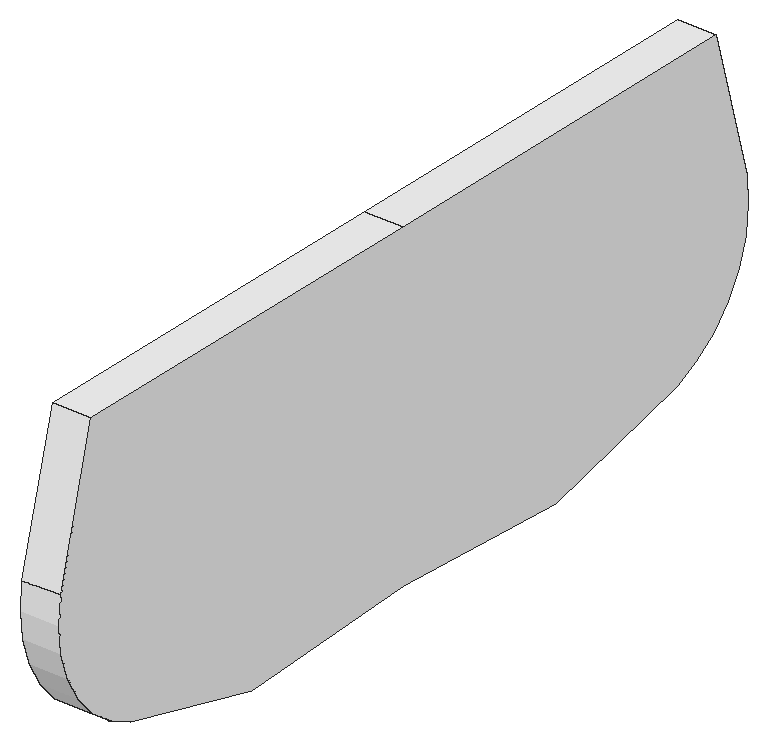
Revit family "REGISTRO MINI DE UNA SALIDA", category Pipe Accessories, Revit 2020
Family settings
  Round Connector Dimension = Use Diameter
  Part Type = Normal
  Work Plane-Based = No
  Always vertical = Yes
  Cut with Voids When Loaded = No
  Shared = No
Parameters (values of type "REGISTRO MINI 1 SALIDA")
  URL = "https://pcpplasticos.co/tienda/acople-lavaplatos-lavamanos-con-registro/"
  SKU = "2024"
  Model = SKU  # "2024"
  Manufacturer = "PCP PLASTICOS"
  Imagen = "https://pcpplasticos.co/wp-content/uploads/2018/01/MINI-1S-C.Final-Color-Output-e1531850449610.png"
  Email = "servicioalcliente@PCPplasticos.com"
  Description = "REGISTRO MINI DE UNA SALIDA"
  Default Elevation = 0 mm
Reference planes
  plane 1 "Center (Front/Back)": y = 0
  plane 2: z = 0
  plane 3 "Center (Left/Right)": x = 0
  plane 4 "SUP": y = 0
Forms (mm)
  Extrusion 1, solid, material "255_255_255"
    sketch origin (0, 0, 0) x (0, 1, 0) y (0, 0, 1)
      loop
        line (0, 0) -> (-15.222, 0)
        arc (-15.222, 0) -> (-16.065, -2.742) -> (-16.706, -5.538) r 39.4
        arc (-16.706, -5.538) -> (-16.101, -9.123) -> (-13.299, -11.44) r 5.212
        arc (-13.299, -11.44) -> (-10.381, -12.317) -> (-7.4, -12.944) r 35.856
        arc (-7.4, -12.944) -> (-3.706, -12.629) -> (0, -12.544) r 59.721
        arc (0, -12.544) -> (3.706, -12.629) -> (7.4, -12.944) r 59.721
        arc (7.4, -12.944) -> (10.381, -12.317) -> (13.299, -11.44) r 35.856
        arc (13.299, -11.44) -> (16.101, -9.123) -> (16.706, -5.538) r 5.212
        arc (16.706, -5.538) -> (16.065, -2.742) -> (15.222, 0) r 39.4
        line (15.222, 0) -> (0, 0)
    from 28.294 to 29.783
Dimensions and locks
  aligned and locked: level to plane 2
Connectors
  piping at (-0.706, 0.312, 31.5), diameter 12.7
    settings: on import instance, index 1, connector inside diameter 609.6 mm, connector length 0 mm, flow factor 0, pipe flow 0.0 L/s, pressure drop 0.0 Pa, fitting loss kfactor 0, connector angle 0.00°, fixture units 0, engagement length 0 mm, angle of deflection 0.00°, flow configuration 0, flow direction 0, fitting loss method 0, system type 7, joint type 0, gender type 0, connector reference index -1, connector utility 0, adjustable connector no, is connector primary yes, connector description ""
  piping at (-30.706, 0.312, 0), diameter 12.7
    settings: on import instance, index 2, connector inside diameter 609.6 mm, connector length 0 mm, flow factor 0, pipe flow 0.0 L/s, pressure drop 0.0 Pa, fitting loss kfactor 0, connector angle 0.00°, fixture units 0, engagement length 0 mm, angle of deflection 0.00°, flow configuration 0, flow direction 0, fitting loss method 0, system type 7, joint type 0, gender type 0, connector reference index -1, connector utility 0, adjustable connector no, is connector primary no, connector description ""
